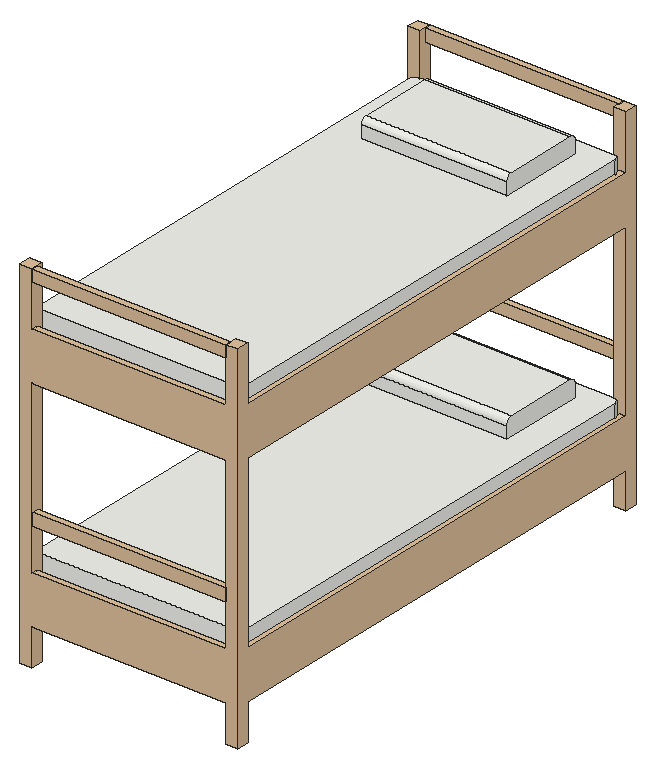
Revit family
Parameters (values of type "2083 x 0915 x 1500mm")
  Keynote = "N"
  Frame Material = Wood - Birch
  Height = 1500.00 mm
  Length = 2083.00 mm
  Mattress Material = Textile - White
  Width = 915.00 mm
Reference planes
  plane 1 "Center (Front/Back)": y = -390.993
  plane 2: z = 0
  plane 3 "Center (Left/Right)": x = 408.482
  plane 4: y = 650.507
  plane 5: y = -1432.493
  plane 6: x = 865.982
  plane 7: x = -49.018
  plane 8: z = 355.6
  plane 9: z = 1500
  plane 10: y = 523.407
  plane 11: y = 167.807
Forms (mm)
  Extrusion 1, solid, material "Wood - Birch"
    sketch origin (0, 0, 0) x (1, 0, 0) y (0, 1, 0)
      loop
        line (-49.018, 650.507) -> (-49.018, 599.707) -> (1.782, 599.707) -> (1.782, 650.507) -> (-49.018, 650.507)
      loop
        line (865.982, 650.507) -> (815.182, 650.507) -> (815.182, 599.707) -> (865.982, 599.707) -> (865.982, 650.507)
      loop
        line (-49.018, -1432.493) -> (1.782, -1432.493) -> (1.782, -1381.693) -> (-49.018, -1381.693) -> (-49.018, -1432.493)
      loop
        line (865.982, -1432.493) -> (865.982, -1381.693) -> (815.182, -1381.693) -> (815.182, -1432.493) -> (865.982, -1432.493)
    from 0 to 1500
  Extrusion 2, solid, material "Wood - Birch"
    sketch origin (0, 0, 0) x (1, 0, 0) y (0, 1, 0)
      loop
        line (-49.018, 650.507) -> (-49.018, -1432.493) -> (865.982, -1432.493) -> (865.982, 650.507) -> (-49.018, 650.507)
      loop
        line (-23.618, 625.107) -> (-23.618, -1407.093) -> (840.582, -1407.093) -> (840.582, 625.107) -> (-23.618, 625.107)
    from 152.4 to 355.6
  Extrusion 3, solid, material "Wood - Birch"
    sketch origin (0, 0, 0) x (1, 0, 0) y (0, 1, 0)
      loop
        line (-49.018, 650.507) -> (-49.018, -1432.493) -> (865.982, -1432.493) -> (865.982, 650.507) -> (-49.018, 650.507)
      loop
        line (-23.618, -1407.093) -> (840.582, -1407.093) -> (840.582, 625.107) -> (-23.618, 625.107) -> (-23.618, -1407.093)
    from 1068.2 to 1271.4
  Extrusion 4, solid, material "Textile - White" <- "Mattress Material"
    sketch origin (0, 0, 0) x (1, 0, 0) y (0, 1, 0)
      loop
        arc (1.782, 599.707) -> (-16.179, 592.267) -> (-23.618, 574.307) r 25.4
        line (-23.618, 574.307) -> (-23.618, -1356.293)
        arc (-23.618, -1356.293) -> (-16.179, -1374.254) -> (1.782, -1381.693) r 25.4
        line (1.782, -1381.693) -> (815.182, -1381.693)
        arc (815.182, -1381.693) -> (833.142, -1374.254) -> (840.582, -1356.293) r 25.4
        line (840.582, -1356.293) -> (840.582, 574.307)
        arc (840.582, 574.307) -> (833.142, 592.267) -> (815.182, 599.707) r 25.4
        line (815.182, 599.707) -> (1.782, 599.707)
    from 203.2 to 406.4
  Extrusion 5, solid, material "Textile - White" <- "Mattress Material"
    sketch origin (0, 0, 1271.4) x (1, 0, 0) y (0, 1, 0)
      loop
        arc (1.782, 599.707) -> (-16.179, 592.267) -> (-23.618, 574.307) r 25.4
        line (-23.618, 574.307) -> (-23.618, -1356.293)
        arc (-23.618, -1356.293) -> (-16.179, -1374.254) -> (1.782, -1381.693) r 25.4
        line (1.782, -1381.693) -> (815.182, -1381.693)
        arc (815.182, -1381.693) -> (833.142, -1374.254) -> (840.582, -1356.293) r 25.4
        line (840.582, -1356.293) -> (840.582, 574.307)
        arc (840.582, 574.307) -> (833.142, 592.267) -> (815.182, 599.707) r 25.4
        line (815.182, 599.707) -> (1.782, 599.707)
    from -152.4 to 50.8
  Extrusion 6, solid, material "Wood - Birch"
    sketch origin (0, 0, 1500) x (1, 0, 0) y (0, 1, 0)
      loop
        line (1.782, 650.507) -> (1.782, 625.107) -> (815.182, 625.107) -> (815.182, 650.507) -> (1.782, 650.507)
      loop
        line (1.782, -1432.493) -> (815.182, -1432.493) -> (815.182, -1407.093) -> (1.782, -1407.093) -> (1.782, -1432.493)
    from -50.8 to 0
  Extrusion 7, solid, material "Wood - Birch"
    sketch origin (0, 0, 355.6) x (0, -1, 0) y (1, 0, 0)
      loop
        line (1432.493, 1.782) -> (1432.493, 815.182) -> (1407.093, 815.182) -> (1407.093, 1.782) -> (1432.493, 1.782)
      loop
        line (-650.507, 1.782) -> (-625.107, 1.782) -> (-625.107, 815.182) -> (-650.507, 815.182) -> (-650.507, 1.782)
    from 177.8 to 228.6
  Sweep 8, solid, material "Textile - White" <- "Mattress Material"
    path origin (0, 0, 0) x (1, 0, 0) y (0, 1, 0)
      loop
        line (103.382, 523.507) -> (713.582, 523.507)
    profile origin (408.482, 0, 0) x (0, 1, 0) y (0, 0, 1)
      loop
        line (167.907, 406.4) -> (523.507, 406.4) -> (523.507, 457.2)
        arc (523.507, 457.2) -> (516.067, 475.161) -> (498.107, 482.6) r 25.4
        line (498.107, 482.6) -> (193.307, 482.6)
        arc (193.307, 482.6) -> (175.346, 475.161) -> (167.907, 457.2) r 25.4
        line (167.907, 457.2) -> (167.907, 406.4)
      loop
        line (167.907, 1320.8) -> (523.507, 1320.8) -> (523.507, 1371.6)
        arc (523.507, 1371.6) -> (516.067, 1389.561) -> (498.107, 1397) r 25.4
        line (498.107, 1397) -> (193.307, 1397)
        arc (193.307, 1397) -> (175.346, 1389.561) -> (167.907, 1371.6) r 25.4
        line (167.907, 1371.6) -> (167.907, 1320.8)
Cuts and joins
  joined: Extrusion 1, Extrusion 2, Extrusion 3
Lines and regions (mm)
  Masking region 1
    outline origin (0, 0, 0) x (1, 0, 0) y (0, 1, 0)
      loop
        line (-49.018, 650.507) -> (-49.018, -1432.493) -> (865.982, -1432.493) -> (865.982, 650.507) -> (-49.018, 650.507)
  symbolic lines
    curve 1: line (-49.018, 650.507, 0) -> (865.982, 650.507, 0)
    curve 2: line (-49.018, 650.507, 0) -> (-49.018, -1432.493, 0)
    curve 3: line (-49.018, -1432.493, 0) -> (865.982, -1432.493, 0)
    curve 4: line (865.982, 650.507, 0) -> (865.982, -1432.493, 0)
    curve 5: line (-49.018, 650.507, 0) -> (1.782, 650.507, 0)
    curve 6: line (-49.018, 650.507, 0) -> (-49.018, 599.707, 0)
    curve 7: line (-49.018, 599.707, 0) -> (1.782, 599.707, 0)
    curve 8: line (1.782, 650.507, 0) -> (1.782, 599.707, 0)
    curve 9: line (815.182, 599.707, 0) -> (865.982, 599.707, 0)
    curve 10: line (815.182, 599.707, 0) -> (815.182, 650.507, 0)
    curve 11: line (815.182, 650.507, 0) -> (865.982, 650.507, 0)
    curve 12: line (865.982, 599.707, 0) -> (865.982, 650.507, 0)
    curve 13: line (1.782, -1381.693, 0) -> (-49.018, -1381.693, 0)
    curve 14: line (1.782, -1381.693, 0) -> (1.782, -1432.493, 0)
    curve 15: line (1.782, -1432.493, 0) -> (-49.018, -1432.493, 0)
    curve 16: line (-49.018, -1381.693, 0) -> (-49.018, -1432.493, 0)
    curve 17: line (865.982, -1432.493, 0) -> (815.182, -1432.493, 0)
    curve 18: line (865.982, -1432.493, 0) -> (865.982, -1381.693, 0)
    curve 19: line (865.982, -1381.693, 0) -> (815.182, -1381.693, 0)
    curve 20: line (815.182, -1432.493, 0) -> (815.182, -1381.693, 0)
    curve 21: line (103.382, 523.507, 0) -> (713.582, 523.507, 0)
    curve 22: line (103.382, 523.507, 0) -> (103.382, 167.907, 0)
    curve 23: line (103.382, 167.907, 0) -> (713.582, 167.907, 0)
    curve 24: line (713.582, 523.507, 0) -> (713.582, 167.907, 0)
    curve 25: line (840.582, 167.907, 0) -> (-23.618, -63.494, 0)
    curve 26: line (-23.618, 599.707, 0) -> (840.582, 599.707, 0)
    curve 27: line (-23.618, 599.707, 0) -> (-23.618, -1381.693, 0)
    curve 28: line (-23.618, -1381.693, 0) -> (840.582, -1381.693, 0)
    curve 29: line (840.582, 599.707, 0) -> (840.582, -1381.693, 0)
Dimensions and locks
  equal spacing: plane 7, plane 3 "Center (Left/Right)", plane 6
  equal spacing: plane 5, plane 1 "Center (Front/Back)", plane 4
  "Width": plane 7 to plane 6
  "Length": plane 5 to plane 4
  "Height": plane 2 to plane 9
  locked: Extrusion 5 to plane 9 at 177.8
  locked: Extrusion 3 to plane 9 at 228.6
  locked: Extrusion 3 to Extrusion 3 at 203.2
  locked: Extrusion 5 sketch curve to Extrusion 5 sketch curve at 25.4  (x2)
  locked: Extrusion 3 to curve 22 at 152.4
  locked: curve 24 to Extrusion 3 at 152.4
  locked: curve 23 to curve 21 at 355.6
  aligned and locked: Extrusion 1 to plane 9
  aligned and locked: Sweep 8 sketch curve to curve 22
  aligned and locked: Sweep 8 sketch curve to curve 24
  aligned and locked: Sweep 8 sketch curve to curve 21
  aligned: plane 4 to Masking region 1 sketch curve
  aligned: plane 6 to Masking region 1 sketch curve
Automatic sketch dimensions
  Extrusion 1 sketch curve to plane 5 = 0.00 mm  (x2)
  Extrusion 1 sketch curve to plane 7 = 0.00 mm  (x2)
  Extrusion 1 sketch curve to plane 4 = 0.00 mm  (x2)
  Extrusion 1 sketch curve to plane 6 = 0.00 mm  (x2)
  Extrusion 1 sketch curve to plane 7 = 50.80 mm
  Extrusion 1 sketch curve to Extrusion 1 sketch curve = 50.80 mm  (x7)
  Extrusion 2 sketch curve to plane 4 = 0.00 mm
  Extrusion 2 sketch curve to plane 7 = 0.00 mm
  Extrusion 2 sketch curve to plane 5 = 0.00 mm
  Extrusion 2 sketch curve to plane 6 = 0.00 mm
  Extrusion 2 sketch curve to Extrusion 2 sketch curve = 25.40 mm  (x2)
  Extrusion 2 sketch curve to plane 5 = 25.40 mm
  plane 4 to Extrusion 2 sketch curve = 25.40 mm
  Extrusion 3 sketch curve to plane 4 = 0.00 mm
  Extrusion 3 sketch curve to plane 7 = 0.00 mm
  Extrusion 3 sketch curve to plane 5 = 0.00 mm
  Extrusion 3 sketch curve to plane 6 = 0.00 mm
  Extrusion 3 sketch curve to Extrusion 3 sketch curve = 25.40 mm  (x2)
  Extrusion 3 sketch curve to plane 5 = 25.40 mm
  plane 4 to Extrusion 3 sketch curve = 25.40 mm
  Extrusion 4 sketch curve to plane 7 = 25.40 mm
  Extrusion 4 sketch curve to Extrusion 4 sketch curve = 25.40 mm  (x3)
  plane 6 to Extrusion 4 sketch curve = 50.80 mm  (x2)
  Extrusion 4 sketch curve to plane 5 = 50.80 mm
  plane 4 to Extrusion 4 sketch curve = 76.20 mm
  Extrusion 5 sketch curve to plane 7 = 25.40 mm
  Extrusion 5 sketch curve to Extrusion 5 sketch curve = 25.40 mm  (x2)
  Extrusion 5 sketch curve to plane 5 = 50.80 mm
  plane 6 to Extrusion 5 sketch curve = 50.80 mm
  plane 6 to Extrusion 5 sketch curve = 25.40 mm
  plane 4 to Extrusion 5 sketch curve = 76.20 mm
  Extrusion 6 sketch curve to plane 5 = 0.00 mm
  Extrusion 6 sketch curve to plane 4 = 0.00 mm
  Extrusion 6 sketch curve to plane 7 = 50.80 mm  (x2)
  plane 6 to Extrusion 6 sketch curve = 50.80 mm  (x2)
  plane 4 to Extrusion 6 sketch curve = 25.40 mm
  Extrusion 6 sketch curve to Extrusion 6 sketch curve = 25.40 mm
  Extrusion 7 sketch curve to plane 4 = 0.00 mm
  Extrusion 7 sketch curve to plane 5 = 0.00 mm
  plane 4 to Extrusion 7 sketch curve = 25.40 mm
  Extrusion 7 sketch curve to Extrusion 7 sketch curve = 25.40 mm
  Extrusion 7 sketch curve to plane 7 = 50.80 mm  (x2)
  plane 6 to Extrusion 7 sketch curve = 50.80 mm  (x2)
  curve 15 to plane 5 = 0.00 mm
  curve 15 to plane 7 = 0.00 mm
  curve 5 to plane 4 = 0.00 mm
  curve 1 to plane 6 = 0.00 mm
  curve 26 to plane 7 = 25.40 mm
  curve 5 to plane 7 = 50.80 mm
  curve 27 to curve 13 = 25.40 mm
  plane 6 to curve 17 = 50.80 mm
  curve 9 to curve 9 = 50.80 mm
  plane 6 to curve 25 = 25.40 mm
  curve 29 to plane 5 = 50.80 mm
  curve 13 to curve 27 = 0.00 mm
  plane 4 to curve 25 = 482.60 mm
  curve 25 to curve 23 = 231.401 mm
  plane 4 to curve 24 = 127.00 mm
  plane 4 to curve 12 = 50.80 mm
  curve 8 to curve 5 = 50.80 mm
  curve 29 to curve 9 = 0.00 mm
  curve 18 to curve 28 = 0.00 mm
  Sweep 8 sketch curve to profile plane = 0.00 mm  (x2)
  profile plane to Sweep 8 sketch curve = 25.40 mm  (x2)
  Sweep 8 sketch curve to Sweep 8 sketch curve = 304.80 mm  (x2)
  Sweep 8 sketch curve to Sweep 8 sketch curve = 25.40 mm  (x2)
  level to Sweep 8 sketch curve = 406.40 mm
  Sweep 8 sketch curve to Sweep 8 sketch curve = 50.80 mm  (x2)
  Sweep 8 sketch curve to Sweep 8 sketch curve = 838.20 mm
  Masking region 1 sketch curve to plane 5 = 0.00 mm
  Masking region 1 sketch curve to plane 7 = 0.00 mm
  Masking region 1 sketch curve to plane 6 = 0.00 mm
  Masking region 1 sketch curve to plane 4 = 0.00 mm
